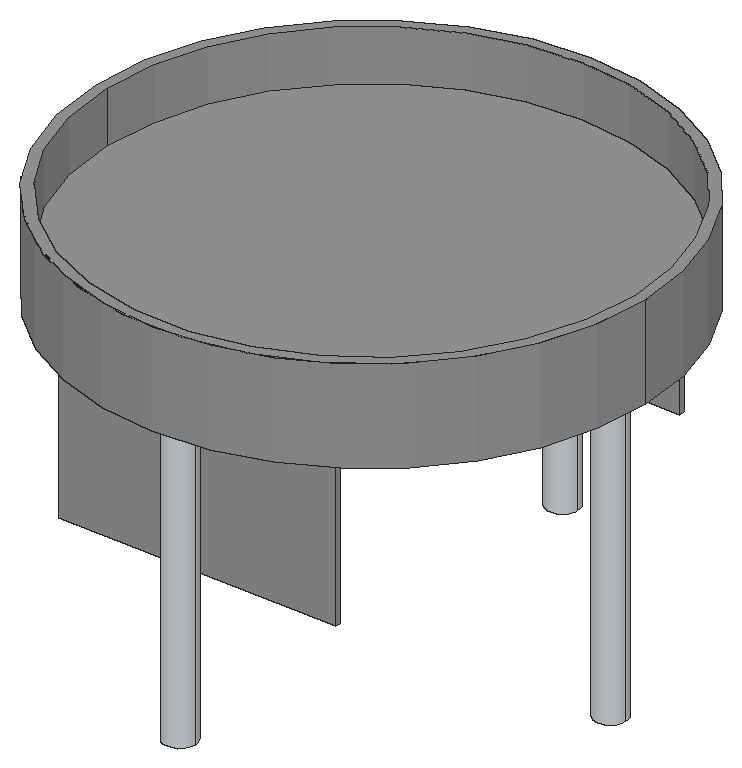
Revit family "Nivellierbare Kassette für Revisionsöffnung, RKR, 20-25, 4", category Generic Models, Revit 2015
Parameters (values of type "RKR2 4V 20")
  URL = "http://www.obo-bettermann.com"
  Material = Stainless Steel, Polished
  Manufacturer Art.No. = "7409088"
  Manufacturer = "OBO Bettermann"
  HeightCalc = if(Height < 105 mm, 105 mm, (if(Height > 155 mm, 155 mm, Height)))  # 150 mm
  Height 1 = 36.5 mm
  Height = 150 mm
  GTIN = "4012195868200"
  Diameter 1 = 206 mm
  Diameter = 214 mm
  Cut depth = 20 mm
  Article Type = "RKR2 4V 20"
Types (5, lengths in mm): name | Material | Manufacturer Art.No. | GTIN | Diameter 1 | Cut depth | Article Type
  (no name) | Stainless Steel, Polished | "7409088" | "4012195868200" | 206 | 20 | "RKR2 4V 20"
  RKR2 4V 20 | Stainless Steel, Polished | "7409088" | "4012195868200" | 206 | 20 | "RKR2 4V 20"
  RKR2 4V 25 | Stainless Steel | "7409090" | "4012195868248" | 205.5 | 25 | "RKR2 4V 25"
  RKR2 4M 20 | Brass, Soft Yellow, Welded | "7409082" | "4012195868187" | 205.5 | 20 | "RKR2 4M 20"
  RKR2 4M 25 | Brass, Soft Yellow, Welded | "7409084" | "4012195868194" | 205.5 | 25 | "RKR2 4M 25"
Reference planes
  plane 1 "Center (Front/Back)": y = 0
  plane 2: z = 0
  plane 3 "Center (Left/Right)": x = 0
  plane 4: z = 113.5
  plane 5: y = 99.5
  plane 6: y = -99.5
  plane 7: z = 150
  plane 8: z = 54.7
  plane 9: z = 130
Forms (mm)
  Extrusion 1, solid
    sketch origin (0, 0, 0) x (1, 0, 0) y (0, 1, 0)
      loop
        circle (0, 93.25) r 6
      loop
        circle (0, -93.25) r 6
      loop
        circle (-93.25, 0) r 6
      loop
        circle (93.25, 0) r 6
    from 0 to 113.5
  Extrusion 2, solid, material "Stainless Steel, Polished" <- "Material"
    sketch origin (0, 0, 0) x (1, 0, 0) y (0, 1, 0)
      loop
        line (-54, 85) -> (-54, 83) -> (54, 83) -> (54, 85) -> (-54, 85)
      loop
        line (-54, -83) -> (-54, -85) -> (54, -85) -> (54, -83) -> (-54, -83)
    from 54.7 to 113.5
  Extrusion 3, solid, material "Stainless Steel, Polished" <- "Material"
    sketch origin (0, 0, 0) x (1, 0, 0) y (0, 1, 0)
      loop
        circle (0, 0) r 107
    from 113.5 to 150
  Extrusion 4, void
    sketch origin (0, 0, 0) x (1, 0, 0) y (0, 1, 0)
      loop
        circle (0, 0) r 103
    from 130 to 150
Cuts and joins
  Extrusion 4 cuts Extrusion 1
  Extrusion 4 cuts Extrusion 2
  Extrusion 4 cuts Extrusion 3
Dimensions and locks
  "HeightCalc": plane 7 to level
  "Height 1": plane 7 to plane 4
  locked: Extrusion 2 sketch curve to Extrusion 2 sketch curve at 108  (x2)
  locked: Extrusion 2 sketch curve to Extrusion 2 sketch curve at 2  (x2)
  locked: plane 4 to plane 8 at 58.8
  "Cut depth": plane 7 to plane 9
  locked: plane 5 to plane 6 at 199
  equal spacing: plane 5, plane 1 "Center (Front/Back)", plane 6, locked at 99.5 each
  locked: plane 1 "Center (Front/Back)" to Extrusion 1 sketch curve at 93.25
  locked: Extrusion 1 sketch curve to plane 1 "Center (Front/Back)" at 93.25
  locked: Extrusion 1 sketch curve to plane 3 "Center (Left/Right)" at 93.25
  locked: plane 3 "Center (Left/Right)" to Extrusion 1 sketch curve at 93.25
  equal spacing: Extrusion 2 sketch curve, plane 3 "Center (Left/Right)", Extrusion 2 sketch curve, locked at 54 each  (x2)
  locked: Extrusion 2 sketch curve to Extrusion 2 sketch curve at 166
  equal spacing: Extrusion 2 sketch curve, plane 1 "Center (Front/Back)", Extrusion 2 sketch curve, locked at 83 each
  diameter of Extrusion 1 sketch curve = 12 mm  (x4)
  "Diameter": diameter of Extrusion 3 sketch curve
  "Diameter 1": diameter of Extrusion 4 sketch curve
  aligned and locked: level to plane 2
  aligned and locked: plane 4 to Extrusion 1
  aligned and locked: Extrusion 1 to Extrusion 2
  aligned and locked: Extrusion 2 to plane 8
  aligned and locked: Extrusion 3 to Extrusion 1
  aligned and locked: plane 7 to Extrusion 3
  aligned and locked: cut or joined group of Extrusion 3, Extrusion 4 to Extrusion 4
  aligned and locked: Extrusion 4 to plane 9
Automatic sketch dimensions
  Extrusion 1 sketch curve to plane 3 "Center (Left/Right)" = 0 mm  (x2)
  plane 1 "Center (Front/Back)" to Extrusion 1 sketch curve = 0 mm  (x2)
  plane 1 "Center (Front/Back)" to Extrusion 4 sketch curve = 0 mm
  Extrusion 4 sketch curve to plane 3 "Center (Left/Right)" = 0 mm
  plane 1 "Center (Front/Back)" to Extrusion 3 sketch curve = 0 mm
  Extrusion 3 sketch curve to plane 3 "Center (Left/Right)" = 0 mm
